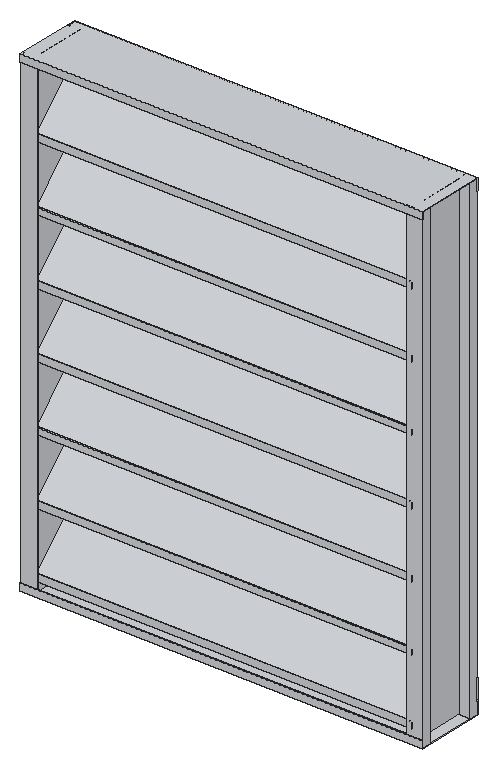
Revit family "SFL-D-6", category Mechanical Equipment, Revit 2015
Parameters
  URL = "https://unitedenertech.com/catalog/pdf/A_12%20SFL-D-6.pdf"
  Type Comments = "Max. Single Section Size is (96\"w x 72\"h)"
  Model = "SFL-D-6"
  Manufacturer = "United Enertech Corporation"
  Exact Width = 3' - 0"
  Exact Height = 3' - 7"
  Description = "6\" Drainable Fixed Steel Louver"
  Depth = 0' - 6.0956"
  Blade Spacing [instance] = 0' - 5 7/8"
  Blade Number [instance] = (Exact Height - 0' 4 1/2") / Blade Spacing  # 7
  BW [instance] = Exact Width - 0' 2 1/8"  # 2' - 9 7/8"
Reference planes (in)
  plane 1 "Center (Front/Back)": y = 0
  plane 2: z = 0
  plane 3 "Center (Left/Right)": x = 0
  plane 4: z = 21.5
  plane 5: z = 43
  plane 6: x = -18
  plane 7: x = 18
  plane 8: y = -6.0956
  plane 9: z = 0.0478
  plane 10: z = 42.9522
  plane 11: y = -6.0478
  plane 12: y = -6
Forms (in)
  Extrusion 1, solid
    sketch origin (-47.18611, -18.38058, 0) x (1, 0, 0) y (0, 1, 0)
      loop
        line (30.68611, 12.33278) -> (30.68611, 12.38058) -> (29.23391, 12.38058) -> (29.23391, 13.03498) -> (30.23391, 13.03498) -> (30.23391, 17.63058) -> (29.23391, 17.63058) -> (29.23391, 18.28498) -> (30.68611, 18.28498) -> (30.68611, 18.33278) -> (29.18611, 18.33278) -> (29.18611, 17.58278) -> (30.18611, 17.58278) -> (30.18611, 13.08278) -> (29.18611, 13.08278) -> (29.18611, 12.33278) -> (30.68611, 12.33278)
    from 0.0478 to 42.9522
  Extrusion 2, solid
    sketch origin (47.18611, -18.38058, 0) x (-1, 0, 0) y (0, -1, 0)
      loop
        line (30.68611, -12.33278) -> (29.18611, -12.33278) -> (29.18611, -13.08278) -> (30.18611, -13.08278) -> (30.18611, -17.58278) -> (29.18611, -17.58278) -> (29.18611, -18.33278) -> (30.68611, -18.33278) -> (30.68611, -18.28498) -> (29.23391, -18.28498) -> (29.23391, -17.63058) -> (30.23391, -17.63058) -> (30.23391, -13.03498) -> (29.23391, -13.03498) -> (29.23391, -12.38058) -> (30.68611, -12.38058) -> (30.68611, -12.33278)
    from 0.0478 to 42.9522
  Extrusion 3, solid
    sketch origin (0, -30.79971, -7.00676) x (0, 1, 0) y (0, 0, 1)
      loop
        line (24.75191, 7.63176) -> (24.70411, 7.63176) -> (24.70411, 7.00676) -> (30.79971, 7.00676) -> (30.79971, 10.00676) -> (30.75191, 10.00676) -> (30.75191, 7.05456) -> (24.75191, 7.05456) -> (24.75191, 7.63176)
    from -18 to 18
  Extrusion 4, solid
    sketch origin (0, -22.37774, 51.94544) x (0, 1, 0) y (0, 0, 1)
      loop
        line (22.32994, -9.94544) -> (22.37774, -9.94544) -> (22.37774, -8.94544) -> (16.28214, -8.94544) -> (16.28214, -9.57044) -> (16.32994, -9.57044) -> (16.32994, -8.99324) -> (22.32994, -8.99324) -> (22.32994, -9.94544)
    from -18 to 18
Dimensions and locks (in)
  equal spacing: plane 5, plane 4, level
  "Exact Height": plane 5 to level
  equal spacing: plane 6, plane 3 "Center (Left/Right)", plane 7
  "Exact Width": plane 6 to plane 7
  "Depth": plane 8 to plane 1 "Center (Front/Back)"
  locked: plane 9 to level at 0.0478
  locked: plane 5 to plane 10 at 0.0478
  locked: plane 8 to plane 11 at 0.0478
  locked: plane 8 to plane 12 at 0.0956
  equal spacing: group 1, group 2, group 3, group 4, group 5, group 6, group 7  (x2)
  equal spacing: group 7, group 6, group 5, group 4, group 3, group 2, group 1
  "Blade Spacing": nested 1 to nested 2
  aligned and locked: level to plane 2
  aligned and locked: plane 6 to Extrusion 1
  aligned and locked: plane 7 to Extrusion 2
  aligned and locked: Extrusion 2 to plane 9
  aligned and locked: Extrusion 1 to plane 9
  aligned and locked: plane 10 to Extrusion 1
  aligned and locked: plane 10 to Extrusion 2
  aligned and locked: plane 6 to Extrusion 3
  aligned and locked: plane 7 to Extrusion 3
  aligned and locked: plane 6 to Extrusion 4
  aligned and locked: plane 7 to Extrusion 4
  aligned and locked: plane 5 to Extrusion 4
  aligned and locked: plane 3 "Center (Left/Right)" to nested 1
  aligned and locked: plane 10 to nested 1
  aligned and locked: plane 12 to nested 1
  aligned and locked: nested 2 to nested 1
Automatic sketch dimensions
  Extrusion 1 sketch curve to plane 6 = 0' - 0"  (x2)
  plane 11 to Extrusion 1 sketch curve = 0' - 0"
  Extrusion 1 sketch curve to plane 6 = 0' - 0.0478"  (x2)
  Extrusion 1 sketch curve to Extrusion 1 sketch curve = 0' - 0.9522"
  Extrusion 1 sketch curve to Extrusion 1 sketch curve = 0' - 0.0478"  (x5)
  plane 1 "Center (Front/Back)" to Extrusion 1 sketch curve = 0' - 0.0478"
  Extrusion 1 sketch curve to Extrusion 1 sketch curve = 0' - 0.4522"  (x2)
  Extrusion 1 sketch curve to plane 11 = 0' - 0.7022"
  plane 1 "Center (Front/Back)" to Extrusion 1 sketch curve = 0' - 0.7978"
  Extrusion 2 sketch curve to plane 7 = 0' - 0"  (x2)
  plane 11 to Extrusion 2 sketch curve = 0' - 0"
  plane 7 to Extrusion 2 sketch curve = 0' - 0.0478"  (x2)
  Extrusion 2 sketch curve to Extrusion 2 sketch curve = 0' - 0.9522"
  Extrusion 2 sketch curve to Extrusion 2 sketch curve = 0' - 0.0478"  (x5)
  Extrusion 2 sketch curve to plane 1 "Center (Front/Back)" = 0' - 0.0478"
  Extrusion 2 sketch curve to Extrusion 2 sketch curve = 0' - 0.4522"  (x2)
  plane 11 to Extrusion 2 sketch curve = 0' - 0.7022"
  Extrusion 2 sketch curve to plane 1 "Center (Front/Back)" = 0' - 0.7978"
  plane 9 to Extrusion 3 sketch curve = 0' - 0.5772"
  plane 1 "Center (Front/Back)" to Extrusion 3 sketch curve = 0' - 6.0478"
  Extrusion 3 sketch curve to Extrusion 3 sketch curve = 0' - 0.0478"  (x3)
  Extrusion 3 sketch curve to Extrusion 3 sketch curve = 0' - 0.5772"
  Extrusion 3 sketch curve to Extrusion 3 sketch curve = 0' - 6"
  Extrusion 3 sketch curve to Extrusion 3 sketch curve = 0' - 2 3/8"
  plane 9 to Extrusion 4 sketch curve = 3' - 6.3272"
  plane 1 "Center (Front/Back)" to Extrusion 4 sketch curve = 0' - 6.0956"
  Extrusion 4 sketch curve to Extrusion 4 sketch curve = 0' - 0.0478"  (x3)
  Extrusion 4 sketch curve to Extrusion 4 sketch curve = 0' - 6"
  Extrusion 4 sketch curve to Extrusion 4 sketch curve = 0' - 0 3/8"
  Extrusion 4 sketch curve to Extrusion 4 sketch curve = 0' - 0 5/8"
Nested families (in)
  nested 1: "Blades" at (0, 4.00283, 32.52785), type "Blades"
    with BW 2' - 9 7/8"
  nested 2: "Blades" at (0, 4.00283, 26.65285), type "Blades"
    with BW 2' - 9 7/8"
  nested 3: "Blades" at (0, 4.00283, 20.77785), type "Blades"
    with BW 2' - 9 7/8"
  nested 4: "Blades" at (0, 4.00283, 14.90285), type "Blades"
    with BW 2' - 9 7/8"
  nested 5: "Blades" at (0, 4.00283, 9.02785), type "Blades"
    with BW 2' - 9 7/8"
  nested 6: "Blades" at (0, 4.00283, 3.15285), type "Blades"
    with BW 2' - 9 7/8"
  nested 7: "Blades" at (0, 4.00283, -2.72215), type "Blades"
    with BW 2' - 9 7/8"
Definition of nested family "Blades"
  Parameters (values of type "Blades")
    BW = 1' - 0"
  Reference planes (in)
    plane 1 "Center (Front/Back)": y = 0
    plane 2: z = 0
    plane 3 "Center (Left/Right)": x = 0
    plane 4: x = -6
    plane 5: x = 6
  Forms (in)
    Extrusion 1, solid
      sketch origin (0, 0, 0) x (0, 1, 0) y (0, 0, 1)
        loop
          line (-4.14623, 10.42435) -> (-4.14623, 9.81915) -> (-9.95503, 4.01035) -> (-9.95503, 4.51995) -> (-10.00283, 4.51995) -> (-10.00283, 3.89495) -> (-4.09843, 9.79935) -> (-4.09843, 10.42435) -> (-4.14623, 10.42435)
      from -6 to 6
  Dimensions and locks (in)
    equal spacing: plane 5, plane 3 "Center (Left/Right)", plane 4
    "BW": plane 5 to plane 4
    aligned and locked: level to plane 2
    aligned and locked: Extrusion 1 to plane 4
    aligned and locked: Extrusion 1 to plane 5
  Automatic sketch dimensions
    level to Extrusion 1 sketch curve = 0' - 3.89495"
    plane 1 "Center (Front/Back)" to Extrusion 1 sketch curve = 0' - 10.00283"
    Extrusion 1 sketch curve to Extrusion 1 sketch curve = 0' - 0.0478"  (x2)
    plane 1 "Center (Front/Back)" to Extrusion 1 sketch curve = 0' - 4.14623"
    Extrusion 1 sketch curve to Extrusion 1 sketch curve = 0' - 0.1154"
    Extrusion 1 sketch curve to Extrusion 1 sketch curve = 0' - 0.5096"
    Extrusion 1 sketch curve to Extrusion 1 sketch curve = 0' - 5.2794"
    Extrusion 1 sketch curve to Extrusion 1 sketch curve = 0' - 0.0198"
    Extrusion 1 sketch curve to Extrusion 1 sketch curve = 0' - 0.6052"
